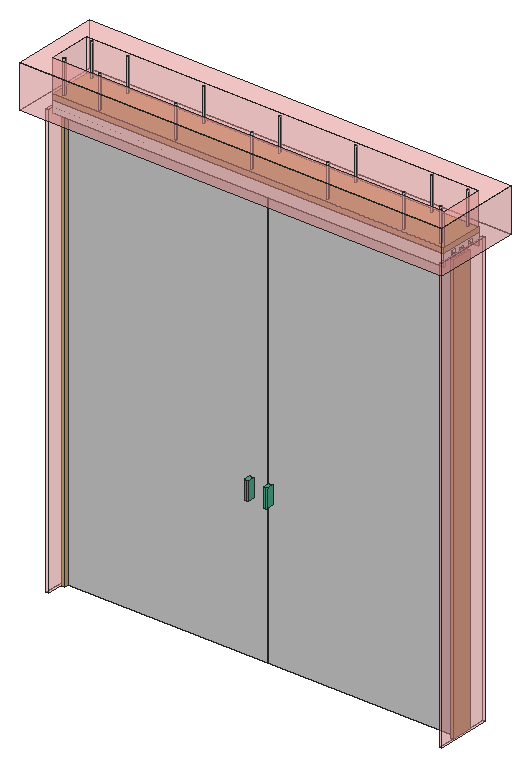
Revit family "Doors-Sliding_WON-DOOR_DuraSound_Manual_Fixed_New", category Doors, host Wall, Revit 2020
Family settings
  Host = Wall
  OmniClass Number = 23.17.11.37.13
  OmniClass Title = Sound Control Doors
  Always vertical = Yes
  Cut with Voids When Loaded = No
  Shared = No
  Room Calculation Point = No
Parameters (values of type "Bi-Parting Door")
  Width [instance] = if(Clear Opening Width < Min Width, Min Width, if(Clear Opening Width > Real Max Width, Real Max Width, Clear Opening Width))  # 7' - 0"
  Warning Vis [instance] = if(Area > Max Area, 1 = 1, 1 = 2)  # no
  Warning Note [instance] = if(Warning Vis, "Doors dimensions are out of the limits", "")  # ""
  Wall Construction Clearance ( by other ) [instance] = yes
  Voltage [instance] = 120 V
  Version = 1
  Value Step for Pocket Rod [instance] = if(not([Threaded Rods ( by Won-Door )]), Max Step for Pocket Threaded Rods, if(Step for Pocket Threaded Rods < Min Step for Threaded Rods, Min Step for Threaded Rods, if(Step for Pocket Threaded Rods > Max Step for Pocket Threaded Rods, Max Step for Pocket Threaded Rods, Step for Pocket Threaded Rods)))  # 1' - 0"
  Value Step for Clear Opening Rod [instance] = if(not([Threaded Rods ( by Won-Door )]), Max Step for Clear Opening Threaded Rods, if(Step for Clear Opening Threaded Rods < Min Step for Threaded Rods, Min Step for Threaded Rods, if(Step for Clear Opening Threaded Rods > Max Step for Clear Opening Threaded Rods, Max Step for Clear Opening Threaded Rods, Step for Clear Opening Threaded Rods)))  # 1' - 6"
  URL = "https://www.wondoor.com/"
  Track Type [instance] = if(or(Track Type Selection < 1, Track Type Selection > 3), "Please Select Integers 1-3 for Track Type Selection", if(Track Type Selection = 1, "T-09 Soffit", if(Track Type Selection = 2, "T-09 Wood", if(Track Type Selection = 3, "T-11", "Please Select Integers 1-3 for Track Type Selection"))))  # "T-09 Soffit"
  Track Type Selection [instance] = 1
  Threaded Rods Height [instance] = Real Head Height - 0' 3 1/8"  # 0' - 8 7/8"
  Threaded Rods ( by Won-Door ) [instance] = yes
  Thickness = 0' - 11 3/4"  # constant formula
  Second Stack Depth Offset [instance] = if(Double Door, 0' 2", 0' 0")  # 0' - 2"
  Offset for Width [instance] = if(Double Door, Stack Depth, 0' 0")  # 1' - 0 1/8"
  Height Half [instance] = Height / 2  # 5' - 0"
  Array for Second Pocket Vis [instance] = if(and(Double Door, [Threaded Rods ( by Won-Door )]), 1 = 1, 1 = 2)  # yes
  T-11 [instance] = if(Track Type Selection > 2, 1 = 1, 1 = 2)  # no
  T-09 WOOD [instance] = if(Track Type Selection = 2, 1 = 1, 1 = 2)  # no
  T-09 SOFFIT [instance] = if(or(Track Type Selection = 0, Track Type Selection < 0, Track Type Selection = 1), 1 = 1, 1 = 2)  # yes
  Step for Pocket Threaded Rods [instance] = 1' - 0"
  Step for Clear Opening Threaded Rods [instance] = 1' - 6"
  Stack Depth for SI [instance] = ((Width * 1.75) / 12) + 0' 6"  # 1' - 6 1/4"
  Stack Depth for BI [instance] = (((Width / 2) * 1.75) / 12) + 0' 6"  # 1' - 0 1/8"
  Stack Depth [instance] = if(Double Door, Stack Depth for BI, Stack Depth for SI)  # 1' - 0 1/8"
  Single Door Geometry [instance] = if(and(Closed, Single Door), 1 = 1, 1 = 2)  # no
  Single Door = not(Double Door)  # no
  Second Stack Depth [instance] = if(Double Door, Stack Depth - 0' 2", 1' 0")  # 0' - 10 1/8"
  Rough Width [instance] = Width + Stack Depth + Offset for Stack Depth  # 8' - 5"
  Rough Height [instance] = Height + Head Height  # 11' - 0"
  Real Width [instance] = Height  # 10' - 0"
  Real Step for Pocket Threaded Rods [instance] = ((Stack Depth - 0' 2") / (Array for Pocket Threaded Rods - 1))  # 0' - 10 1/8"
  Real Step for Clear Opening Threaded Rods [instance] = Array for Clear Opening Length / (Array for Clear Opening Threaded Rods - 1)  # 1' - 3 7/16"
  Real Max Width [instance] = Max Area / 5' 0"  # 280' - 0"
  Real Max Height [instance] = Max Area / 3' 0"  # 466' - 8"
  Real Height [instance] = Width  # 7' - 0"
  Real Head Height [instance] = if(Head Height < Min Head Height, Min Head Height, Head Height)  # 1' - 0"
  Product data url = "https://www.bimobject.com/hortonautomatics/product/WON-DOOR-durasound"
  Product Page URL = "https://www.wondoor.com/download/ds/"
  Power Factor [instance] = 1
  Pocket Thickness = 2' - 3 3/4"  # constant formula
  Open [instance] = no
  Offset for Stack Depth = if(Pocket Thickness = 2' 3 3/4", 0' 4 7/8", if(Pocket Thickness = 2' 6 1/4", 0' 6 1/8", 0' 7 3/8"))  # 0' - 4 7/8"
  Offset for Backing Width = if(or(Pocket Thickness = 2' 6 1/4", Pocket Thickness = 2' 8 3/4"), 0' 3 1/4", 0' 3 1/8")  # 0' - 3 1/8"
  Offset for Backing Depth = if(Pocket Thickness = 2' 6 1/4", 0' 7 3/8", if(Pocket Thickness = 2' 8 3/4", 0' 8 5/8", 0' 6 1/8"))  # 0' - 6 1/8"
  Number of Poles [instance] = 1
  Model = "DS Manual Fixed"  # constant formula
  Min Width [instance] = 3' - 0"  # constant formula
  Min Step for Threaded Rods [instance] = 0' - 1"  # constant formula
  Min Height [instance] = 5' - 0"  # constant formula
  Min Head Height [instance] = 1' - 0"  # constant formula
  Max Step for Pocket Threaded Rods [instance] = 1' - 0"  # constant formula
  Max Step for Clear Opening Threaded Rods [instance] = 1' - 6"  # constant formula
  Max Head Height [instance] = 25' - 0"  # constant formula
  Max Area [instance] = 1400.00 SF  # constant formula
  Manufacturer = "Won-Door Corporation"  # constant formula
  Wall Closure = By host
  Height [instance] = if(Clear Opening Height < Min Height, Min Height, if(Clear Opening Height > Real Max Height, Real Max Height, Clear Opening Height))  # 10' - 0"
  Head Height [instance] = 1' - 0"
  Fire Rating = ""
  Double Door Geometry [instance] = if(and(Closed, Double Door), 1 = 1, 1 = 2)  # yes
  Double Door = yes
  Door Finish = Won-Door-Plastic-Vinyl
  Description = "Won-Door DuraSound accordion folding doors increase building utility by performing multiple functions. These versatile accordion partitions are competitively priced, cost less to install and maintain, and last years longer than any other folding partition on the market.The dual-wall DuraSound accordion folding partition has the highest sound rating (STC 48  or equivalent NIC 30 ) in the industry. Each steel panel is corrugated for extra strength. Surface colors and vinyl finishes are permanently bonded. The result is a partition that is dent, ding and scratch resistant. DuraSound doors are only 4.2 pounds per square foot – and operate on a two-track system. A pin and roller suspends every panel and promotes smooth and low effort operation. This unique design allows the doors to span large, as well as curved, openings.  Available in unlimited widths, and heights up to 28 feet."  # constant formula
  Date Updated = ""
  Date Created = "2024/05/14"  # constant formula
  Current [instance] = 10 A  # constant formula
  Array for Second Pocket Threaded Rods [instance] = if(not(Double Door), 2, Array for Pocket Threaded Rods)  # 2
  Array for Clear Opening Length [instance] = Width - Stack Depth - Second Stack Depth  # 5' - 1 3/4"
  Array for Clear Opening Threaded Rods [instance] = 1 + roundup(((Array for Clear Opening Length) / Value Step for Clear Opening Rod))  # 5
  Connector Description [instance] = "100-240 VAC, 60/50 Hz, 10 AMP"  # constant formula
  Closed [instance] = not(Open)  # yes
  Clear Opening Width [instance] = 7' - 0"
  Clear Opening Height [instance] = 10' - 0"
  Backing Profile Clearance ( by other ) [instance] = yes
  Array for Pocket Threaded Rods [instance] = 1 + roundup(((Stack Depth - 0' 2") / Value Step for Pocket Rod))  # 2
  Area [instance] = Width * Height  # 70.00 SF
  Apparent Load [instance] = Voltage * Current  # 1200 VA
  Offset = 0' - 0"  # constant formula
Reference planes (in)
  plane 1 "Center (Front/Back)": y = 0
  plane 2: x = -26.75
  plane 3 "Top": z = 120
  plane 4 "Exterior": y = 30
  plane 5 "Interior": y = -30
  plane 6: z = 39.5
  plane 7: z = 44.5
  plane 8: z = 132
  plane 9: z = 60
  plane 10: z = 12
  plane 11: x = -38.875
  plane 12: y = -5.875
  plane 13: y = 5.875
  plane 14 "Center (Left/Right)": x = 15.25
  plane 15: x = -36.875
  plane 16: z = 123.125
  plane 17: z = 60
  plane 18: x = 57.25
Forms (in)
  Extrusion 1, solid, material "Won-Door-Metal-Gray", visible <- "T-09 SOFFIT", detail levels medium
    sketch origin (-26.75, 36, 120) x (0, -1, 0) y (0, 0, -1)
      loop
        line (42, 1.625) -> (41.875, 1.625) -> (41.875, 0) -> (39.75, 0) -> (39.75, -1.25) -> (38.125, -1.25) -> (38.125, 0) -> (36.8125, 0) -> (36.8125, -0.875) -> (35.1875, -0.875) -> (35.1875, 0) -> (33.875, 0) -> (33.875, -1.25) -> (32.25, -1.25) -> (32.25, 0) -> (30.125, 0) -> (30.125, 1.625) -> (30, 1.625) -> (30, -1.625) -> (42, -1.625) -> (42, 1.625)
    from -12.125 to 96.125
  Extrusion 2, solid, material "Won-Door-Metal-Gray", visible <- "T-09 SOFFIT", detail levels coarse
    sketch origin (-26.75, 36, 120) x (0, -1, 0) y (0, 0, -1)
      loop
        line (42, 0) -> (30, 0) -> (30, -1.625) -> (42, -1.625) -> (42, 0)
    from -12.125 to 96.125
  Extrusion 3, solid, material "Won-Door-Metal-Gray", visible <- "T-09 SOFFIT", detail levels fine
    sketch origin (-26.75, 36, 120) x (0, -1, 0) y (0, 0, -1)
      loop
        line (42, 1.625) -> (41.875, 1.625) -> (41.875, 0) -> (39.125, 0) -> (39.125, -0.12546) -> (39.75, -0.12546) -> (39.75, -1.25) -> (38.125, -1.25) -> (38.125, -0.12546) -> (38.75, -0.12546) -> (38.75, 0) -> (36.8125, 0) -> (36.8125, -0.875) -> (35.1875, -0.875) -> (35.1875, 0) -> (33.25, 0) -> (33.25, -0.12546) -> (33.875, -0.12546) -> (33.875, -1.25) -> (32.25, -1.25) -> (32.25, -0.12546) -> (32.875, -0.12546) -> (32.875, 0) -> (30.125, 0) -> (30.125, 1.625) -> (30, 1.625) -> (30, -1.625) -> (42, -1.625) -> (42, 1.625)
    from -12.125 to 96.125
  Extrusion 4, solid, material "Won-Door-Metal-Gray", visible <- "T-09 WOOD", detail levels fine
    sketch origin (-26.75, 36, 120) x (0, -1, 0) y (0, 0, -1)
      loop
        line (39.875, 0) -> (39.125, 0) -> (39.125, -0.12546) -> (39.75, -0.12546) -> (39.75, -1.25) -> (38.125, -1.25) -> (38.125, -0.12546) -> (38.75, -0.12546) -> (38.75, 0) -> (36.8125, 0) -> (36.8125, -0.875) -> (35.1875, -0.875) -> (35.1875, 0) -> (33.25, 0) -> (33.25, -0.12546) -> (33.875, -0.12546) -> (33.875, -1.25) -> (32.25, -1.25) -> (32.25, -0.12546) -> (32.875, -0.12546) -> (32.875, 0) -> (32.125, 0) -> (32.125, -1.25) -> (30, -1.25) -> (30, -1.625) -> (42, -1.625) -> (42, -1.25) -> (39.875, -1.25) -> (39.875, 0)
    from -12.125 to 96.125
  Extrusion 5, solid, material "Won-Door-Metal-Gray", visible <- "T-09 WOOD", detail levels medium
    sketch origin (-26.75, 36, 120) x (0, -1, 0) y (0, 0, -1)
      loop
        line (36.8125, 0) -> (36.8125, -0.875) -> (35.1875, -0.875) -> (35.1875, 0) -> (33.875, 0) -> (33.875, -1.25) -> (32.25, -1.25) -> (32.25, 0) -> (32.125, 0) -> (32.125, -1.25) -> (30, -1.25) -> (30, -1.625) -> (42, -1.625) -> (42, -1.25) -> (39.875, -1.25) -> (39.875, 0) -> (39.75, 0) -> (39.75, -1.25) -> (38.125, -1.25) -> (38.125, 0) -> (36.8125, 0)
    from -12.125 to 96.125
  Extrusion 6, solid, material "Won-Door-Metal-Gray", visible <- "T-09 WOOD", detail levels coarse
    sketch origin (-26.75, 36, 120) x (0, -1, 0) y (0, 0, -1)
      loop
        line (42, 0) -> (30, 0) -> (30, -1.625) -> (42, -1.625) -> (42, 0)
    from -12.125 to 96.125
  Extrusion 7, solid, material "Won-Door-Metal-Gray", visible <- "T-11", detail levels fine
    sketch origin (-26.75, 36, 120) x (0, -1, 0) y (0, 0, -1)
      loop
        line (39.875, 0) -> (39.125, 0) -> (39.125, -0.12546) -> (39.75, -0.12546) -> (39.75, -1.25) -> (38.125, -1.25) -> (38.125, -0.12546) -> (38.75, -0.12546) -> (38.75, 0) -> (33.25, 0) -> (33.25, -0.12546) -> (33.875, -0.12546) -> (33.875, -1.25) -> (32.25, -1.25) -> (32.25, -0.12546) -> (32.875, -0.12546) -> (32.875, 0) -> (32.125, 0) -> (30, 0) -> (30, -0.12546) -> (32.125, -0.12546) -> (32.125, -1.25) -> (30, -1.25) -> (30, -1.625) -> (42, -1.625) -> (42, -1.25) -> (39.875, -1.25) -> (39.875, -0.12546) -> (42, -0.12546) -> (42, 0) -> (39.875, 0)
    from -12.125 to 96.125
  Extrusion 8, solid, material "Won-Door-Metal-Gray", visible <- "T-11", detail levels medium
    sketch origin (-26.75, 36, 120) x (0, -1, 0) y (0, 0, -1)
      loop
        line (39.75, -1.25) -> (38.125, -1.25) -> (38.125, 0) -> (33.875, 0) -> (33.875, -1.25) -> (32.25, -1.25) -> (32.25, 0) -> (30, 0) -> (30, -0.12546) -> (32.125, -0.12546) -> (32.125, -1.25) -> (30, -1.25) -> (30, -1.625) -> (42, -1.625) -> (42, -1.25) -> (39.875, -1.25) -> (39.875, -0.12546) -> (42, -0.12546) -> (42, 0) -> (39.75, 0) -> (39.75, -1.25)
    from -12.125 to 96.125
  Extrusion 9, solid, material "Won-Door-Metal-Gray", visible <- "T-11", detail levels coarse
    sketch origin (-26.75, 36, 120) x (0, -1, 0) y (0, 0, -1)
      loop
        line (30, 0) -> (30, -1.625) -> (42, -1.625) -> (42, 0) -> (30, 0)
    from -12.125 to 96.125
  Extrusion 10, void
    sketch origin (0, 0, 0) x (1, 0, 0) y (0, 1, 0)
      loop
        line (-38.875, 30) -> (-38.875, -30) -> (69.375, -30) -> (69.375, 30) -> (-38.875, 30)
    from 0 to 120
  Extrusion 11, solid, material "Won-Door-Plastic-Vinyl" <- "Door Finish", visible <- "Double Door Geometry", detail levels medium+fine
    sketch origin (0, 0, 0) x (1, 0, 0) y (0, 1, 0)
      loop
        line (17, 1.5625) -> (-38.125, 1.5625) -> (-38.125, -1.5625) -> (17, -1.5625) -> (17, -0.875) -> (15.25, -0.875) -> (15.25, 0.875) -> (17, 0.875) -> (17, 1.5625)
    from 0 to 120
  Extrusion 12, solid, material "Won-Door-Plastic-Vinyl" <- "Door Finish", visible <- "Double Door Geometry", detail levels medium+fine
    sketch origin (0, 0, 0) x (1, 0, 0) y (0, 1, 0)
      loop
        line (17, 1.5625) -> (17, 0.875) -> (15.25, 0.875) -> (15.25, -0.875) -> (17, -0.875) -> (17, -1.5625) -> (68.62766, -1.5625) -> (68.62766, 1.5625) -> (17, 1.5625)
    from 0 to 120
  Extrusion 13, solid, material "Won-Door-Plastic-Vinyl" <- "Door Finish", visible <- "Double Door Geometry", detail levels coarse
    sketch origin (0, 0, 0) x (1, 0, 0) y (0, 1, 0)
      loop
        line (-38.125, -1.5625) -> (68.62766, -1.5625) -> (68.62766, 1.5625) -> (-38.125, 1.5625) -> (-38.125, -1.5625)
    from 0 to 120
  Extrusion 14, solid, material "Won-Door-Plastic-Vinyl" <- "Door Finish", visible <- "Single Door Geometry", detail levels coarse
    sketch origin (0, 0, 0) x (1, 0, 0) y (0, 1, 0)
      loop
        line (-38.125, 1.5625) -> (-38.125, -1.5625) -> (68.62766, -1.5625) -> (68.62766, 1.5625) -> (-38.125, 1.5625)
    from 0 to 120
  Extrusion 15, solid, material "Won-Door-Plastic-Vinyl", visible <- "Single Door Geometry", detail levels fine
    sketch origin (0, 0, 0) x (1, 0, 0) y (0, 1, 0)
      loop
        line (64.50266, 1.5625) -> (-38.125, 1.5625) -> (-38.125, -1.5625) -> (64.50266, -1.5625) -> (64.50266, -0.875) -> (67.41754, -0.875) -> (67.41754, -1) -> (68.62766, -1) -> (68.62766, -0.875) -> (67.50266, -0.875) -> (67.50266, 0.875) -> (68.62766, 0.875) -> (68.62766, 1) -> (67.41754, 1) -> (67.41754, 0.875) -> (64.50266, 0.875) -> (64.50266, 1.5625)
    from 0 to 120
  Extrusion 16, solid, material "Won-Door-Plastic-Vinyl" <- "Door Finish", visible <- "Single Door Geometry", detail levels medium
    sketch origin (0, 0, 0) x (1, 0, 0) y (0, 1, 0)
      loop
        line (68.62766, 0.875) -> (65.62766, 0.875) -> (65.62766, 1.5625) -> (-38.125, 1.5625) -> (-38.125, -1.5625) -> (65.62766, -1.5625) -> (65.62766, -0.875) -> (68.62766, -0.875) -> (68.62766, 0.875)
    from 0 to 120
  Extrusion 17, solid, material "Won-Door-Plastic-Green", visible <- "Single Door Geometry", detail levels medium
    sketch origin (69.375, -40, 0) x (0, 1, 0) y (-1, 0, 0)
      loop
        line (42.875, 3.625) -> (42.875, 4.625) -> (40.875, 4.625) -> (40.875, 3.625) -> (42.875, 3.625)
      loop
        line (37.125, 3.625) -> (39.125, 3.625) -> (39.125, 4.625) -> (37.125, 4.625) -> (37.125, 3.625)
    from 39.5 to 44.5
  Extrusion 18, solid, material "Won-Door-Plastic-Green", visible <- "Single Door Geometry", detail levels fine
    sketch origin (69.375, -40, 0) x (0, 1, 0) y (-1, 0, 0)
      loop
        arc (42.625, 3.625) -> (42.80178, 3.69822) -> (42.875, 3.875) r 0.25
        line (42.875, 3.875) -> (42.875, 4.375)
        arc (42.875, 4.375) -> (42.80178, 4.55178) -> (42.625, 4.625) r 0.25
        line (42.625, 4.625) -> (40.875, 4.625) -> (40.875, 3.625) -> (42.625, 3.625)
      loop
        line (37.375, 3.625) -> (39.125, 3.625) -> (39.125, 4.625) -> (37.375, 4.625)
        arc (37.375, 4.625) -> (37.19822, 4.55178) -> (37.125, 4.375) r 0.25
        line (37.125, 4.375) -> (37.125, 3.875)
        arc (37.125, 3.875) -> (37.19822, 3.69822) -> (37.375, 3.625) r 0.25
    from 39.5 to 44.5
  Extrusion 19, solid, material "Won-Door-Plastic-Green", visible <- "Double Door Geometry", detail levels medium
    sketch origin (0, 0, 0) x (1, 0, 0) y (0, 1, 0)
      loop
        line (13.125, 3.5625) -> (12.125, 3.5625) -> (12.125, 1.5625) -> (13.125, 1.5625) -> (13.125, 3.5625)
      loop
        line (13.125, -3.5625) -> (13.125, -1.5625) -> (12.125, -1.5625) -> (12.125, -3.5625) -> (13.125, -3.5625)
      loop
        line (17.375, 3.5625) -> (17.375, 1.5625) -> (18.375, 1.5625) -> (18.375, 3.5625) -> (17.375, 3.5625)
      loop
        line (17.375, -3.5625) -> (18.375, -3.5625) -> (18.375, -1.5625) -> (17.375, -1.5625) -> (17.375, -3.5625)
    from 39.5 to 44.5
  Extrusion 20, solid, material "Won-Door-Plastic-Green", visible <- "Double Door Geometry", detail levels fine
    sketch origin (0, 0, 0) x (1, 0, 0) y (0, 1, 0)
      loop
        arc (13.125, 3.3125) -> (13.05178, 3.48928) -> (12.875, 3.5625) r 0.25
        line (12.875, 3.5625) -> (12.375, 3.5625)
        arc (12.375, 3.5625) -> (12.19822, 3.48928) -> (12.125, 3.3125) r 0.25
        line (12.125, 3.3125) -> (12.125, 1.5625) -> (13.125, 1.5625) -> (13.125, 3.3125)
      loop
        line (13.125, -3.3125) -> (13.125, -1.5625) -> (12.125, -1.5625) -> (12.125, -3.3125)
        arc (12.125, -3.3125) -> (12.19822, -3.48928) -> (12.375, -3.5625) r 0.25
        line (12.375, -3.5625) -> (12.875, -3.5625)
        arc (12.875, -3.5625) -> (13.05178, -3.48928) -> (13.125, -3.3125) r 0.25
      loop
        line (17.375, 3.3125) -> (17.375, 1.5625) -> (18.375, 1.5625) -> (18.375, 3.3125)
        arc (18.375, 3.3125) -> (18.30178, 3.48928) -> (18.125, 3.5625) r 0.25
        line (18.125, 3.5625) -> (17.625, 3.5625)
        arc (17.625, 3.5625) -> (17.44822, 3.48928) -> (17.375, 3.3125) r 0.25
      loop
        arc (17.375, -3.3125) -> (17.44822, -3.48928) -> (17.625, -3.5625) r 0.25
        line (17.625, -3.5625) -> (18.125, -3.5625)
        arc (18.125, -3.5625) -> (18.30178, -3.48928) -> (18.375, -3.3125) r 0.25
        line (18.375, -3.3125) -> (18.375, -1.5625) -> (17.375, -1.5625) -> (17.375, -3.3125)
    from 39.5 to 44.5
  Extrusion 21, solid, material "Won-Door - Wood - Plywood"
    sketch origin (-26.75, 36, 120) x (0, -1, 0) y (0, 0, -1)
      loop
        line (42, -1.625) -> (30, -1.625) -> (30, -3.125) -> (42, -3.125) -> (42, -1.625)
    from -12.125 to 96.125
  Extrusion 22, solid, material "Clearance", visible <- "T-09 WOOD"
    sketch origin (-26.75, 36, 120) x (0, -1, 0) y (0, 0, -1)
      loop
        line (42, -1.25) -> (42, 0) -> (39.875, 0) -> (39.875, -1.25) -> (42, -1.25)
      loop
        line (30, -1.25) -> (32.125, -1.25) -> (32.125, 0) -> (30, 0) -> (30, -1.25)
    from -12.125 to 96.125
  Extrusion 23, solid, material "Clearance", visible <- "Wall Construction Clearance ( by other )"
    sketch origin (0, 0, 0) x (1, 0, 0) y (0, 1, 0)
      loop
        line (-43.125, -11.99789) -> (73.625, -11.99789) -> (73.625, 11.99789) -> (-43.125, 11.99789) -> (-43.125, -11.99789)
      loop
        line (-38.875, 5.875) -> (-38.875, -5.875) -> (69.375, -5.875) -> (69.375, 5.875) -> (-38.875, 5.875)
    from 120 to 132
  Extrusion 24, void
    sketch origin (0, 0, 0) x (1, 0, 0) y (0, 1, 0)
      loop
        line (-38.875, 5.875) -> (-38.875, -5.875) -> (69.375, -5.875) -> (69.375, 5.875) -> (-38.875, 5.875)
    from 120 to 132
Lines and regions (in)
  Masking region 1, visible <- "Double Door Geometry"
    outline origin (0, 0, 0) x (1, 0, 0) y (0, 1, 0)
      loop
        line (68.62766, 1.5625) -> (-38.125, 1.5625) -> (-38.125, -1.5625) -> (68.62766, -1.5625) -> (68.62766, 1.5625)
  Masking region 2, visible <- "Double Door Geometry", detail levels fine
    outline origin (0, 0, 0) x (1, 0, 0) y (0, 1, 0)
      loop
        line (13.125, 1.5625) -> (13.125, 3.3125)
        arc (13.125, 3.3125) -> (13.05178, 3.48928) -> (12.875, 3.5625) r 0.25
        line (12.875, 3.5625) -> (12.375, 3.5625)
        arc (12.375, 3.5625) -> (12.19822, 3.48928) -> (12.125, 3.3125) r 0.25
        line (12.125, 3.3125) -> (12.125, 1.5625) -> (13.125, 1.5625)
      loop
        line (17.375, 1.5625) -> (18.375, 1.5625) -> (18.375, 3.3125)
        arc (18.375, 3.3125) -> (18.30178, 3.48928) -> (18.125, 3.5625) r 0.25
        line (18.125, 3.5625) -> (17.625, 3.5625)
        arc (17.625, 3.5625) -> (17.44822, 3.48928) -> (17.375, 3.3125) r 0.25
        line (17.375, 3.3125) -> (17.375, 1.5625)
      loop
        line (13.125, -1.5625) -> (12.125, -1.5625) -> (12.125, -3.3125)
        arc (12.125, -3.3125) -> (12.19822, -3.48928) -> (12.375, -3.5625) r 0.25
        line (12.375, -3.5625) -> (12.875, -3.5625)
        arc (12.875, -3.5625) -> (13.05178, -3.48928) -> (13.125, -3.3125) r 0.25
        line (13.125, -3.3125) -> (13.125, -1.5625)
      loop
        line (17.375, -1.5625) -> (17.375, -3.3125)
        arc (17.375, -3.3125) -> (17.44822, -3.48928) -> (17.625, -3.5625) r 0.25
        line (17.625, -3.5625) -> (18.125, -3.5625)
        arc (18.125, -3.5625) -> (18.30178, -3.48928) -> (18.375, -3.3125) r 0.25
        line (18.375, -3.3125) -> (18.375, -1.5625) -> (17.375, -1.5625)
  Masking region 3, visible <- "Double Door Geometry", detail levels medium
    outline origin (0, 0, 0) x (1, 0, 0) y (0, 1, 0)
      loop
        line (13.125, 1.5625) -> (13.125, 3.5625) -> (12.125, 3.5625) -> (12.125, 1.5625) -> (13.125, 1.5625)
      loop
        line (17.375, 1.5625) -> (18.375, 1.5625) -> (18.375, 3.5625) -> (17.375, 3.5625) -> (17.375, 1.5625)
      loop
        line (13.125, -1.5625) -> (12.125, -1.5625) -> (12.125, -3.5625) -> (13.125, -3.5625) -> (13.125, -1.5625)
      loop
        line (17.375, -1.5625) -> (17.375, -3.5625) -> (18.375, -3.5625) -> (18.375, -1.5625) -> (17.375, -1.5625)
  Masking region 4, visible <- "Single Door Geometry", detail levels coarse
    outline origin (0, 0, 0) x (1, 0, 0) y (0, 1, 0)
      loop
        line (-38.125, 1.5625) -> (-38.125, -1.5625) -> (68.62766, -1.5625) -> (68.62766, 1.5625) -> (-38.125, 1.5625)
  Masking region 5, visible <- "Single Door Geometry", detail levels medium
    outline origin (0, 0, 0) x (1, 0, 0) y (0, 1, 0)
      loop
        line (63.875, 1.5625) -> (-38.125, 1.5625) -> (-38.125, -1.5625) -> (63.875, -1.5625) -> (63.875, -0.875) -> (68.62766, -0.875) -> (68.62766, -0.805) -> (66.84586, -0.805) -> (66.84586, -0.70566) -> (66.96466, -0.70566) -> (66.96466, -0.4675) -> (66.85468, -0.4675) -> (66.85468, 0.4675) -> (66.96466, 0.4675) -> (66.96466, 0.70566) -> (66.84586, 0.70566) -> (66.84586, 0.805) -> (68.62766, 0.805) -> (68.62766, 0.875) -> (63.875, 0.875) -> (63.875, 1.5625)
  Masking region 6, visible <- "Single Door Geometry", detail levels fine
    outline origin (0, 0, 0) x (1, 0, 0) y (0, 1, 0)
      loop
        line (63.875, 1.5625) -> (-38.125, 1.5625) -> (-38.125, -1.5625) -> (63.875, -1.5625) -> (63.875, -0.875) -> (67.28044, -0.875)
        arc (67.28044, -0.875) -> (67.25417, -0.84342) -> (67.23966, -0.805) r 0.124
        line (67.23966, -0.805) -> (66.87566, -0.805)
        arc (66.87566, -0.805) -> (66.84624, -0.78085) -> (66.86418, -0.74728) r 0.03
        line (66.86418, -0.74728) -> (66.96466, -0.70566) -> (66.96466, -0.4675) -> (66.93285, -0.4675)
        arc (66.93285, -0.4675) -> (66.85468, 0) -> (66.93285, 0.4675) r 1.43699
        line (66.93285, 0.4675) -> (66.96466, 0.4675) -> (66.96466, 0.70566) -> (66.86418, 0.74728)
        arc (66.86418, 0.74728) -> (66.84624, 0.78085) -> (66.87566, 0.805) r 0.03
        line (66.87566, 0.805) -> (67.23966, 0.805)
        arc (67.23966, 0.805) -> (67.25417, 0.84342) -> (67.28044, 0.875) r 0.124
        line (67.28044, 0.875) -> (63.875, 0.875) -> (63.875, 1.5625)
  reference lines
    curve 1: line (-38.875, 14.88149, 0) -> (-38.875, -14.88149, 0)
    curve 2: line (69.375, -40, 0) -> (69.375, 35.88149, 0)
    curve 3: line (-26.75, 36, 120) -> (-26.75, -31, 120)
    curve 9: line (57.25, 35.88149, 0) -> (57.25, -42.11851, 0)
    curve 10: line (67.375, 35.88149, 0) -> (67.375, -42.11851, 0)
  symbolic lines, visible <- "Double Door Geometry", detail levels medium+fine
    curve 4: line (17, 1.5625, 0) -> (17, 0.875, 0)
    curve 5: line (17, 0.875, 0) -> (15.25, 0.875, 0)
    curve 6: line (15.25, 0.875, 0) -> (15.25, -0.875, 0)
    curve 7: line (15.25, -0.875, 0) -> (17, -0.875, 0)
    curve 8: line (17, -0.875, 0) -> (17, -1.5625, 0)
Text (in)
  text "Exterior" at (-74.96733, 27.31104, 0), in view "Ref. Level"
  text "Interior" at (-74.96733, -25.14366, 0), in view "Ref. Level"
  text "Exterior" at (0, 40.15149, 123.01588), in view "Right"
  text "Interior" at (0, -64.39139, 123.01588), in view "Right"
  text "Interior" at (0, -31.01599, 123.00693), in view "Left"
  text "Exterior" at (0, 54.57065, 123.00693), in view "Left"
Dimensions and locks (in)
  "Height": level to plane 3 "Top"
  locked: level to plane 6 at 39.5
  locked: plane 6 to plane 7 at 5
  "Real Head Height": plane 3 "Top" to plane 8
  locked: plane 9 to level at 60
  "Stack Depth": plane 11 to plane 2
  equal spacing: curve 1, plane 1 "Center (Front/Back)", curve 1
  locked: curve 1 to curve 1 at 29.76298
  equal spacing: plane 13, plane 1 "Center (Front/Back)", plane 12
  "Thickness": plane 13 to plane 12
  Extrusion 5 sketch curve to Extrusion 5 sketch curve to Extrusion 5 sketch curve to Extrusion 5 sketch curve to Extrusion 5 sketch curve to Extrusion 5 sketch curve to Extrusion 5 sketch curve to Extrusion 5 sketch curve to Extrusion 5 sketch curve to Extrusion 5 sketch curve = 0' - 2 1/8" locked, 0' - 0 1/8" locked, 0' - 1 5/8" locked, 0' - 1 5/16" locked, 0' - 1 5/8" locked, 0' - 1 5/16" locked, 0' - 1 5/8" locked, 0' - 0 1/8" locked, 0' - 2 1/8" locked
  Extrusion 4 sketch curve to Extrusion 4 sketch curve to Extrusion 4 sketch curve to Extrusion 4 sketch curve to Extrusion 4 sketch curve to Extrusion 4 sketch curve to Extrusion 4 sketch curve to Extrusion 4 sketch curve to Extrusion 4 sketch curve to Extrusion 4 sketch curve to Extrusion 4 sketch curve to Extrusion 4 sketch curve to Extrusion 4 sketch curve to Extrusion 4 sketch curve = 0' - 2 1/8" locked, 0' - 0 1/8" locked, 0' - 0 5/8" locked, 0' - 0 3/8" locked, 0' - 0 5/8" locked, 0' - 1 5/16" locked, 0' - 1 5/8" locked, 0' - 1 5/16" locked, 0' - 0 5/8" locked, 0' - 0 3/8" locked, 0' - 0 5/8" locked, 0' - 0 1/8" locked, 0' - 2 1/8" locked
  Extrusion 3 sketch curve to Extrusion 3 sketch curve to Extrusion 3 sketch curve to Extrusion 3 sketch curve to Extrusion 3 sketch curve to Extrusion 3 sketch curve to Extrusion 3 sketch curve to Extrusion 3 sketch curve to Extrusion 3 sketch curve to Extrusion 3 sketch curve to Extrusion 3 sketch curve to Extrusion 3 sketch curve to Extrusion 3 sketch curve to Extrusion 3 sketch curve = 0' - 0 1/8" locked, 0' - 2 1/8" locked, 0' - 0 5/8" locked, 0' - 0 3/8" locked, 0' - 0 5/8" locked, 0' - 1 5/16" locked, 0' - 1 5/8" locked, 0' - 1 5/16" locked, 0' - 0 5/8" locked, 0' - 0 3/8" locked, 0' - 0 5/8" locked, 0' - 2 1/8" locked, 0' - 0 1/8" locked
  locked: Extrusion 1 sketch curve to Extrusion 1 sketch curve at 0.125
  Extrusion 1 sketch curve to Extrusion 1 sketch curve to Extrusion 1 sketch curve to Extrusion 1 sketch curve to Extrusion 1 sketch curve to Extrusion 1 sketch curve to Extrusion 1 sketch curve to Extrusion 1 sketch curve to Extrusion 1 sketch curve = 0' - 2 1/8" locked, 0' - 1 5/8" locked, 0' - 1 5/16" locked, 0' - 1 5/8" locked, 0' - 1 5/16" locked, 0' - 1 5/8" locked, 0' - 2 1/8" locked, 0' - 0 1/8" locked
  locked: Extrusion 2 sketch curve to plane 12 at 0.125
  locked: plane 13 to Extrusion 1 at 0.125
  locked: Extrusion 2 sketch curve to Extrusion 2 sketch curve at 12
  locked: Extrusion 1 sketch curve to plane 12 at 0.125
  Extrusion 7 sketch curve to Extrusion 7 sketch curve to Extrusion 7 sketch curve to Extrusion 7 sketch curve to Extrusion 7 sketch curve = 0' - 0 1/8" locked, 0' - 0 5/8" locked, 0' - 0 3/8" locked, 0' - 0 5/8" locked
  Extrusion 7 sketch curve to Extrusion 7 sketch curve to Extrusion 7 sketch curve to Extrusion 7 sketch curve to Extrusion 7 sketch curve = 0' - 0 5/8" locked, 0' - 0 3/8" locked, 0' - 0 5/8" locked, 0' - 0 1/8" locked
  locked: Extrusion 7 sketch curve to plane 12 at 0.125
  locked: Extrusion 8 sketch curve to plane 12 at 0.125
  Extrusion 8 sketch curve to Extrusion 8 sketch curve to Extrusion 8 sketch curve to Extrusion 8 sketch curve to Extrusion 8 sketch curve to Extrusion 8 sketch curve = 0' - 2 1/8", 0' - 0 1/8" locked, 0' - 1 5/8" locked, 0' - 5 7/8", 0' - 0 1/8" locked
  locked: Extrusion 8 sketch curve to Extrusion 8 sketch curve at 12
  locked: Extrusion 8 sketch curve to Extrusion 8 sketch curve at 1.625
  locked: Extrusion 9 sketch curve to plane 12 at 0.125
  locked: Extrusion 9 sketch curve to Extrusion 9 sketch curve at 12
  equal spacing: plane 5 "Interior", plane 1 "Center (Front/Back)", plane 4 "Exterior"
  locked: Extrusion 7 sketch curve to Extrusion 7 sketch curve at 12
  locked: Extrusion 12 sketch curve to Extrusion 12 sketch curve at 3.125
  locked: plane 11 to Extrusion 13 sketch curve at 0.75
  locked: plane 11 to Extrusion 14 sketch curve at 0.75
  locked: plane 11 to Extrusion 15 sketch curve at 0.75
  locked: plane 11 to Extrusion 16 sketch curve at 0.75
  locked: plane 14 "Center (Left/Right)" to Extrusion 12 sketch curve at 1.75  (x2)
  locked: Extrusion 11 sketch curve to Extrusion 11 sketch curve at 1.75  (x2)
  locked: plane 13 to Extrusion 13 sketch curve at 4.3125
  locked: Extrusion 13 sketch curve to plane 12 at 4.3125
  locked: plane 11 to Extrusion 11 sketch curve at 0.75
  locked: plane 13 to Extrusion 11 sketch curve at 4.3125
  locked: Extrusion 11 sketch curve to plane 12 at 4.3125
  locked: Extrusion 11 sketch curve to Extrusion 11 sketch curve at 0.6875  (x2)
  locked: Extrusion 12 sketch curve to plane 12 at 4.3125
  Extrusion 12 sketch curve to Extrusion 12 sketch curve to Extrusion 12 sketch curve = 0' - 1 3/4" locked, 0' - 0 11/16" locked
  plane 13 to Extrusion 16 sketch curve to Extrusion 16 sketch curve = 0' - 4 5/16" locked, 0' - 3 1/8" locked
  locked: Extrusion 16 sketch curve to Extrusion 16 sketch curve at 3  (x2)
  plane 13 to Extrusion 16 sketch curve to Extrusion 16 sketch curve = 0' - 5" locked, 0' - 1 3/4" locked
  plane 13 to Extrusion 15 sketch curve to Extrusion 15 sketch curve = 0' - 4 5/16" locked, 0' - 3 1/8" locked
  Extrusion 15 sketch curve to Extrusion 15 sketch curve to plane 12 = 0' - 0 1/8" locked, 0' - 4 7/8" locked
  equal spacing: Extrusion 15 sketch curve, nested 2, Extrusion 15 sketch curve
  locked: Extrusion 15 sketch curve to Extrusion 15 sketch curve at 0.125  (x2)
  locked: Extrusion 17 sketch curve to Extrusion 17 sketch curve at 1  (x2)
  plane 13 to Extrusion 17 sketch curve to Extrusion 17 sketch curve = 0' - 3" locked, 0' - 2" locked
  Extrusion 17 sketch curve to Extrusion 17 sketch curve to plane 12 = 0' - 2" locked, 0' - 3" locked
  locked: Extrusion 17 sketch curve to curve 2 at 3.625  (x2)
  plane 13 to Extrusion 14 sketch curve to Extrusion 14 sketch curve = 0' - 4 5/16" locked, 0' - 3 1/8" locked
  locked: Extrusion 18 sketch curve to Extrusion 18 sketch curve at 1  (x2)
  plane 13 to Extrusion 18 sketch curve to Extrusion 18 sketch curve = 0' - 3" locked, 0' - 2" locked
  Extrusion 18 sketch curve to Extrusion 18 sketch curve to plane 12 = 0' - 2" locked, 0' - 3" locked
  locked: Extrusion 18 sketch curve to curve 2 at 3.625  (x2)
  locked: Extrusion 18 sketch curve to Extrusion 18 sketch curve at 0.25  (x4)
  Extrusion 18 sketch curve to Extrusion 18 sketch curve to Extrusion 18 sketch curve = 0' - 0 1/2" locked, 0' - 0 1/4" locked
  Extrusion 18 sketch curve to Extrusion 18 sketch curve to Extrusion 18 sketch curve = 0' - 0 1/4" locked, 0' - 0 1/2" locked
  locked: Extrusion 19 sketch curve to Extrusion 19 sketch curve at 1  (x4)
  plane 13 to Extrusion 19 sketch curve to Extrusion 19 sketch curve = 0' - 2 5/16" locked, 0' - 2" locked  (x2)
  Extrusion 19 sketch curve to Extrusion 19 sketch curve to plane 12 = 0' - 2" locked, 0' - 2 5/16" locked  (x2)
  Extrusion 19 sketch curve to plane 14 "Center (Left/Right)" to Extrusion 19 sketch curve = 0' - 2 1/8" locked, 0' - 2 1/8" locked  (x2)
  locked: Extrusion 20 sketch curve to Extrusion 20 sketch curve at 1  (x4)
  plane 13 to Extrusion 20 sketch curve to Extrusion 20 sketch curve = 0' - 2 5/16" locked, 0' - 2" locked  (x2)
  Extrusion 20 sketch curve to Extrusion 20 sketch curve to plane 12 = 0' - 2" locked, 0' - 2 5/16" locked  (x2)
  Extrusion 20 sketch curve to plane 14 "Center (Left/Right)" to Extrusion 20 sketch curve = 0' - 2 1/8" locked, 0' - 2 1/8" locked  (x2)
  locked: Extrusion 20 sketch curve to Extrusion 20 sketch curve at 0.25  (x10)
  Extrusion 20 sketch curve to Extrusion 20 sketch curve to Extrusion 20 sketch curve = 0' - 0 1/4" locked, 0' - 0 1/2" locked  (x3)
  locked: Extrusion 6 sketch curve to plane 12 at 0.125
  locked: plane 13 to Extrusion 6 sketch curve at 0.125
  locked: Extrusion 5 sketch curve to plane 12 at 0.125
  locked: Extrusion 4 sketch curve to plane 12 at 0.125
  locked: Extrusion 7 to Extrusion 8 sketch curve at 2.125
  locked: Extrusion 7 sketch curve to Extrusion 7 sketch curve at 2.125  (x2)
  locked: Extrusion 21 sketch curve to plane 12 at 0.125
  locked: plane 13 to Extrusion 21 sketch curve at 0.125
  locked: Extrusion 22 sketch curve to plane 12 at 0.125
  locked: plane 13 to Extrusion 22 sketch curve at 0.125
  locked: Extrusion 22 sketch curve to Extrusion 22 sketch curve at 2.125  (x2)
  locked: plane 11 to Masking region 1 sketch curve at 0.75
  locked: Masking region 1 sketch curve to Masking region 1 sketch curve at 3.125
  locked: plane 13 to Masking region 1 sketch curve at 4.3125
  locked: Masking region 2 sketch curve to Masking region 2 sketch curve at 1  (x8)
  Masking region 2 sketch curve to Masking region 2 sketch curve to Masking region 2 sketch curve = 0' - 0 1/4" locked, 0' - 1 3/4" locked  (x2)
  Masking region 2 sketch curve to Masking region 2 sketch curve to Masking region 2 sketch curve = 0' - 1 3/4" locked, 0' - 0 1/4" locked  (x2)
  locked: Masking region 2 sketch curve to Masking region 2 sketch curve at 1.75  (x4)
  locked: plane 13 to Masking region 2 sketch curve at 4.3125  (x2)
  locked: Masking region 2 sketch curve to plane 12 at 4.3125  (x2)
  Masking region 2 sketch curve to plane 14 "Center (Left/Right)" to Masking region 2 sketch curve = 0' - 2 1/8" locked, 0' - 2 1/8" locked  (x2)
  locked: plane 13 to Masking region 3 sketch curve at 4.3125  (x2)
  locked: Masking region 3 sketch curve to plane 12 at 4.3125  (x2)
  Masking region 3 sketch curve to plane 14 "Center (Left/Right)" to Masking region 3 sketch curve = 0' - 2 1/8" locked, 0' - 2 1/8" locked  (x2)
  locked: Masking region 3 sketch curve to Masking region 3 sketch curve at 1  (x4)
  locked: Masking region 3 sketch curve to Masking region 3 sketch curve at 2  (x4)
  locked: Extrusion 23 sketch curve to plane 11 at 4.25
  locked: plane 12 to Extrusion 23 sketch curve at 6.12289
  locked: Extrusion 23 sketch curve to plane 13 at 6.12289
  locked: plane 11 to Masking region 4 sketch curve at 0.75
  plane 13 to Masking region 4 sketch curve to Masking region 4 sketch curve = 0' - 4 5/16" locked, 0' - 3 1/8" locked
  locked: plane 11 to Masking region 5 sketch curve at 0.75
  plane 13 to Masking region 5 sketch curve to Masking region 5 sketch curve = 0' - 4 5/16" locked, 0' - 3 1/8" locked
  locked: Masking region 5 sketch curve to Masking region 5 sketch curve at 0.6875  (x2)
  locked: plane 11 to Masking region 6 sketch curve at 0.75
  plane 13 to Masking region 6 sketch curve to Masking region 6 sketch curve = 0' - 4 5/16" locked, 0' - 3 1/8" locked
  locked: Masking region 6 sketch curve to Masking region 6 sketch curve at 0.6875  (x2)
  locked: plane 11 to plane 15 at 2
  locked: plane 16 to plane 3 "Top" at 3.125
  group 2 to group 1 = 0' - 10 1/8"
  group 1 to group 2 = 0' - 0"  (x2)
  "Second Stack Depth Offset": curve 10 to curve 2
  "Second Stack Depth": curve 9 to curve 10
  group 3 to group 4 = 0' - 10 1/8"
  group 4 to group 3 = 0' - 0 1/4"
  group 3 to group 4 = 0' - 0"
  equal spacing: group 5, group 7, group 8, group 9, group 6  (x3)
  "Height Half": plane 17 to level
  equal spacing: plane 2, plane 14 "Center (Left/Right)", plane 18
  "Width": plane 2 to plane 18
  "Offset for Width": plane 18 to curve 2
  locked: Masking region 1 sketch curve to curve 2 at 0.74734
  locked: Extrusion 12 sketch curve to curve 2 at 0.74734
  locked: Extrusion 13 sketch curve to curve 2 at 0.74734
  locked: Extrusion 23 sketch curve to Extrusion 23 sketch curve at 4.25
  locked: Extrusion 14 sketch curve to curve 2 at 0.74734
  locked: Masking region 4 sketch curve to curve 2 at 0.74734
  locked: Extrusion 16 sketch curve to curve 2 at 0.74734
  locked: Extrusion 15 sketch curve to curve 2 at 0.74734  (x2)
  locked: Masking region 5 sketch curve to curve 2 at 0.74734  (x2)
  aligned and locked: plane 4 "Exterior" to host wall
  aligned and locked: curve 1 to plane 11
  aligned and locked: plane 1 "Center (Front/Back)" to nested 1
  aligned and locked: plane 2 to nested 1
  aligned and locked: nested 2 to plane 1 "Center (Front/Back)"
  aligned and locked: curve 2 to nested 2
  aligned and locked: curve 3 to plane 3 "Top"
  aligned and locked: Extrusion 1 to plane 11
  aligned and locked: Extrusion 2 to plane 11
  aligned and locked: Extrusion 3 to plane 11
  aligned and locked: Extrusion 4 to plane 11
  aligned and locked: Extrusion 5 to plane 11
  aligned and locked: Extrusion 6 to plane 11
  aligned and locked: plane 12 to Extrusion 3 sketch curve
  aligned and locked: Extrusion 7 to plane 11
  aligned and locked: Extrusion 8 to plane 11
  aligned and locked: Extrusion 9 to plane 11
  aligned and locked: Extrusion 10 sketch curve to plane 11
  aligned and locked: Extrusion 10 sketch curve to plane 4 "Exterior"
  aligned and locked: Extrusion 10 sketch curve to plane 5 "Interior"
  aligned and locked: Extrusion 10 to level
  aligned and locked: Extrusion 11 to plane 3 "Top"
  aligned and locked: Extrusion 11 to level
  aligned and locked: Extrusion 12 to level
  aligned and locked: Extrusion 12 to plane 3 "Top"
  aligned and locked: Extrusion 13 to level
  aligned and locked: Extrusion 13 to plane 3 "Top"
  aligned and locked: Extrusion 14 to plane 3 "Top"
  aligned and locked: Extrusion 14 to level
  aligned and locked: Extrusion 15 to plane 3 "Top"
  aligned and locked: Extrusion 15 to level
  aligned and locked: Extrusion 16 to level
  aligned and locked: Extrusion 16 to plane 3 "Top"
  aligned and locked: Extrusion 11 sketch curve to plane 14 "Center (Left/Right)"
  aligned and locked: plane 7 to Extrusion 17
  aligned and locked: Extrusion 17 to plane 6
  aligned and locked: Extrusion 18 to plane 6
  aligned and locked: plane 7 to Extrusion 18
  aligned and locked: plane 7 to Extrusion 19
  aligned and locked: Extrusion 19 to plane 6
  aligned and locked: plane 7 to Extrusion 20
  aligned and locked: Extrusion 20 to plane 6
  aligned and locked: Extrusion 21 to plane 11
  aligned and locked: Extrusion 22 to plane 11
  aligned and locked: plane 11 to nested 3
  aligned and locked: plane 1 "Center (Front/Back)" to nested 3
  aligned and locked: nested 4 to plane 1 "Center (Front/Back)"
  aligned and locked: curve 4 to Extrusion 12
  aligned and locked: curve 5 to Extrusion 12
  aligned and locked: curve 6 to Extrusion 12
  aligned and locked: curve 7 to Extrusion 12
  aligned and locked: curve 8 to Extrusion 12
  aligned and locked: plane 3 "Top" to Extrusion 23
  aligned and locked: plane 8 to Extrusion 23
  aligned and locked: Extrusion 23 sketch curve to plane 13
  aligned and locked: Extrusion 23 sketch curve to plane 12
  aligned and locked: Extrusion 23 sketch curve to plane 11
  aligned and locked: Masking region 5 sketch curve to nested 4  (x11)
  aligned and locked: Masking region 6 sketch curve to nested 4  (x11)
  aligned and locked: plane 1 "Center (Front/Back)" to nested 6
  aligned and locked: nested 6 to curve 9
  aligned and locked: plane 1 "Center (Front/Back)" to nested 8
  aligned and locked: nested 8 to curve 9
  aligned and locked: plane 1 "Center (Front/Back)" to nested 7
  aligned and locked: plane 16 to nested 5
  aligned and locked: plane 16 to nested 6
  aligned and locked: plane 16 to nested 8
  aligned and locked: plane 16 to nested 7
  aligned and locked: nested 7 to curve 10
  aligned and locked: plane 15 to nested 5
  aligned and locked: nested 9 to curve 3
  aligned and locked: plane 1 "Center (Front/Back)" to nested 9
  aligned and locked: plane 16 to nested 9
  aligned and locked: nested 10 to curve 3
  aligned and locked: nested 11 to curve 9
  aligned and locked: plane 1 "Center (Front/Back)" to nested 10
  aligned and locked: plane 1 "Center (Front/Back)" to nested 11
  aligned and locked: plane 16 to nested 11
  aligned and locked: plane 16 to nested 10
  aligned and locked: plane 14 "Center (Left/Right)" to nested 12
  aligned and locked: nested 12 to plane 17
  aligned and locked: nested 13 to plane 14 "Center (Left/Right)"
  aligned and locked: plane 17 to nested 13
  aligned and locked: nested 4 to curve 2
  aligned and locked: Extrusion 23 sketch curve to curve 2
  aligned and locked: curve 2 to Extrusion 21
  aligned and locked: curve 2 to Extrusion 2
  aligned and locked: curve 2 to Extrusion 3
  aligned and locked: curve 2 to Extrusion 1
  aligned and locked: curve 2 to Extrusion 9
  aligned and locked: curve 2 to Extrusion 7
  aligned and locked: curve 2 to Extrusion 8
  aligned and locked: curve 2 to Extrusion 22
  aligned and locked: curve 2 to Extrusion 5
  aligned and locked: curve 2 to Extrusion 6
  aligned and locked: curve 2 to Extrusion 4
  aligned and locked: Extrusion 10 sketch curve to curve 2
  aligned and locked: Extrusion 10 to plane 3 "Top"
  aligned and locked: plane 11 to Extrusion 24 sketch curve
  aligned and locked: Extrusion 24 sketch curve to plane 13
  aligned and locked: plane 12 to Extrusion 24 sketch curve
  aligned and locked: Extrusion 24 sketch curve to curve 2
  aligned and locked: plane 3 "Top" to Extrusion 24
  aligned and locked: plane 8 to Extrusion 24
Automatic sketch dimensions
  host wall to curve 3 = 0' - 1"
  host wall to curve 3 = 0' - 6"
  Extrusion 2 sketch curve to curve 3 = 0' - 0"
  Extrusion 2 sketch curve to Extrusion 2 sketch curve = 0' - 1 5/8"
  Extrusion 1 sketch curve to curve 3 = 0' - 0"  (x4)
  curve 3 to Extrusion 1 sketch curve = 0' - 0 7/8"
  curve 3 to Extrusion 1 sketch curve = 0' - 1 1/4"  (x2)
  Extrusion 1 sketch curve to curve 3 = 0' - 1 5/8"  (x2)
  curve 3 to Extrusion 1 sketch curve = 0' - 1 5/8"
  Extrusion 3 sketch curve to curve 3 = 0' - 0"  (x4)
  curve 3 to Extrusion 3 sketch curve = 0' - 0.12546"  (x4)
  curve 3 to Extrusion 3 sketch curve = 0' - 0 7/8"
  Extrusion 3 sketch curve to Extrusion 3 sketch curve = 0' - 1.12454"  (x2)
  curve 3 to Extrusion 3 sketch curve = 0' - 1 5/8"
  Extrusion 3 sketch curve to curve 3 = 0' - 1 5/8"  (x2)
  curve 3 to Extrusion 6 sketch curve = 0' - 1 5/8"
  Extrusion 6 sketch curve to curve 3 = 0' - 0"
  Extrusion 5 sketch curve to curve 3 = 0' - 0"  (x4)
  curve 3 to Extrusion 5 sketch curve = 0' - 0 7/8"
  curve 3 to Extrusion 5 sketch curve = 0' - 1 1/4"  (x3)
  Extrusion 5 sketch curve to Extrusion 5 sketch curve = 0' - 0"
  Extrusion 5 sketch curve to Extrusion 5 sketch curve = 0' - 0 3/8"
  Extrusion 4 sketch curve to curve 3 = 0' - 0"  (x4)
  curve 3 to Extrusion 4 sketch curve = 0' - 0.12546"  (x4)
  curve 3 to Extrusion 4 sketch curve = 0' - 0 7/8"
  Extrusion 4 sketch curve to Extrusion 4 sketch curve = 0' - 1.12454"
  Extrusion 4 sketch curve to Extrusion 4 sketch curve = 0' - 0"  (x2)
  curve 3 to Extrusion 4 sketch curve = 0' - 1 1/4"
  Extrusion 4 sketch curve to Extrusion 4 sketch curve = 0' - 0 3/8"
  Extrusion 9 sketch curve to curve 3 = 0' - 0"
  curve 3 to Extrusion 9 sketch curve = 0' - 1 5/8"
  curve 3 to Extrusion 21 sketch curve = 0' - 3 1/8"
  Extrusion 21 sketch curve to Extrusion 21 sketch curve = 0' - 1 1/2"
  Extrusion 22 sketch curve to curve 3 = 0' - 0"  (x2)
  curve 3 to Extrusion 22 sketch curve = 0' - 1 1/4"  (x2)
  curve 7 to plane 14 "Center (Left/Right)" = 0' - 0"
  curve 5 to host wall = 0' - 0 7/8"
  curve 5 to curve 5 = 0' - 1 3/4"
  curve 7 to curve 4 = 0' - 0"
  host wall to curve 6 = 0' - 0 7/8"
  curve 8 to curve 7 = 0' - 0 11/16"
  curve 4 to curve 4 = 0' - 0 11/16"
  Extrusion 7 sketch curve to curve 3 = 0' - 0"  (x3)
  Extrusion 7 sketch curve to Extrusion 7 sketch curve = 0' - 0"  (x3)
  curve 3 to Extrusion 7 sketch curve = 0' - 1 1/4"  (x2)
  Extrusion 7 sketch curve to Extrusion 7 sketch curve = 0' - 3 7/8"
  Extrusion 7 sketch curve to Extrusion 7 sketch curve = 0' - 1 5/8"
  Extrusion 7 sketch curve to Extrusion 7 sketch curve = 0' - 0 3/8"  (x2)
  curve 3 to Extrusion 7 sketch curve = 0' - 0.12546"  (x4)
  Extrusion 7 sketch curve to Extrusion 7 sketch curve = 0' - 0.12546"  (x2)
  Extrusion 8 sketch curve to curve 3 = 0' - 0"  (x3)
  Extrusion 8 sketch curve to Extrusion 8 sketch curve = 0' - 2 1/8"
  curve 3 to Extrusion 8 sketch curve = 0' - 0.12546"  (x2)
  Extrusion 8 sketch curve to Extrusion 8 sketch curve = 0' - 1.12454"  (x2)
  Extrusion 8 sketch curve to Extrusion 8 sketch curve = 0' - 0"
  curve 3 to Extrusion 8 sketch curve = 0' - 1 1/4"
  Extrusion 8 sketch curve to Extrusion 8 sketch curve = 0' - 0 3/8"
  Masking region 6 sketch curve to Masking region 6 sketch curve = 0' - 3.00066"
  Masking region 6 sketch curve to Masking region 6 sketch curve = 0' - 0"
  host wall to Masking region 6 sketch curve = 0' - 0.74728"
  Masking region 6 sketch curve to host wall = 0' - 0.74728"
  Masking region 6 sketch curve to Masking region 6 sketch curve = 0' - 0.04162"
  curve 10 to curve 2 = 0' - 0"
  curve 9 to curve 2 = 0' - 0"
  curve 10 to curve 2 = 0' - 2.11851"
  curve 9 to curve 2 = 0' - 2.11851"
  Extrusion 12 sketch curve to plane 14 "Center (Left/Right)" = 0' - 0"
  host wall to curve 2 = 0' - 10"
  host wall to curve 2 = 0' - 5.88149"
  Extrusion 15 sketch curve to Extrusion 15 sketch curve = 0' - 0"  (x3)
  Extrusion 15 sketch curve to Extrusion 15 sketch curve = 0' - 2.91488"
  Extrusion 15 sketch curve to Extrusion 15 sketch curve = 0' - 0.08512"
  Extrusion 15 sketch curve to Extrusion 15 sketch curve = 0' - 1 1/8"
  Extrusion 15 sketch curve to host wall = 0' - 0 7/8"
  Masking region 5 sketch curve to Masking region 5 sketch curve = 0' - 2.97086"
  Masking region 5 sketch curve to Masking region 5 sketch curve = 0' - 0"
  Masking region 5 sketch curve to Masking region 5 sketch curve = 0' - 0.09934"
Nested families (in)
  nested 1: "First Part Door" at (-26.75, 0, 0), Backing Profile <- "Backing Profile Clearance ( by other )", Wall Construction <- "Wall Construction Clearance ( by other )", Stack Depth <- "Stack Depth", Open <- "Open", Door Material <- "Door Finish", Height <- "Height", type "First Part"
    with Wall Construction yes, Trim Height 9' - 10 5/8", Stack Depth 1' - 0 1/8", Open no, Height 10' - 0", Door Material Won-Door-Plastic-Vinyl, Closed yes, Backing Profile yes
  nested 2: "Second Part Door" at (57.25, 0, 0) x (-1, 0, 0) z (0, 0, 1), Backing Profile <- "Backing Profile Clearance ( by other )", Wall Construction <- "Wall Construction Clearance ( by other )", Clear Opening Width <- "Clear Opening Width", Stack Depth <- "Stack Depth", Single Door <- "Single Door", Double Door <- "Double Door", Open <- "Open", Door Finish <- "Door Finish", Height <- "Height", type "Second Part"
    with Wall Construction yes, Trim Height 9' - 10 5/8", Stack Depth 1' - 0 1/8", Single Door no, Open no, Height 10' - 0", Double Door yes, Door Geometry no, Door Finish Won-Door-Plastic-Vinyl, Closed yes, Clear Opening Width 7' - 0", Backing Profile yes, Backing Double no
  nested 3: "First Part" at (-26.75, 0, 0), Open <- "Open", Backing Profile <- "Backing Profile Clearance ( by other )", Wall Construction <- "Wall Construction Clearance ( by other )", Stack Depth <- "Stack Depth", type "First Part"
    with Wall Construction yes, Stack Depth 1' - 0 1/8", Open no, Closed yes, Backing Profile yes
  nested 4: "Second Part" at (57.25, 0, 0) x (-1, 0, 0) z (0, 0, 1), Open <- "Open", Backing Profile <- "Backing Profile Clearance ( by other )", Wall Construction <- "Wall Construction Clearance ( by other )", Double Door <- "Double Door", Single Door <- "Single Door", Stack Depth <- "Stack Depth", type "Second Part"
    with Wall Construction yes, Stack Depth 1' - 0 1/8", Single Door no, Open no, Double Door yes, Door Geometry no, Closed yes, Backing Profile yes, Backing Masking no
  nested 5: "Rod_element" at (-36.875, 0.25, 123.125), visible <- "Threaded Rods ( by Won-Door )", type "Rod_element"
    with Rod Height 0' - 8 7/8"
  nested 6: "Rod_element" at (57.25, 0, 123.125), visible <- "Threaded Rods ( by Won-Door )", type "Rod_element"
    with Rod Height 0' - 8 7/8"
  nested 7: "Rod_element" at (67.375, 0, 123.125), visible <- "Array for Second Pocket Vis", type "Rod_element"
    with Rod Height 0' - 8 7/8"
  nested 8: "Rod_element" at (57.25, 0, 123.125), visible <- "Array for Second Pocket Vis", type "Rod_element"
    with Rod Height 0' - 8 7/8"
  nested 9: "Rod_element" at (-26.75, 0, 123.125), visible <- "Threaded Rods ( by Won-Door )", type "Rod_element"
    with Rod Height 0' - 8 7/8"
  nested 10: "Rod_element" at (-26.75, 0, 123.125), visible <- "Threaded Rods ( by Won-Door )", type "Rod_element"
    with Rod Height 0' - 8 7/8"
  nested 11: "Rod_element" at (57.25, 0, 123.125), visible <- "Threaded Rods ( by Won-Door )", type "Rod_element"
    with Rod Height 0' - 8 7/8"
  nested 12: "Warning" at (15.25, -1.5625, 60) x (1, 0, 0) z (0, -1, 0), visible <- "Warning Vis", type "Warning"
  nested 13: "Warning" at (15.25, 1.5625, 60) x (1, 0, 0) z (0, 1, 0), visible <- "Warning Vis", type "Warning"
  nested 14: "Rod_element" at (-5.75, 0, 123.125), visible <- "Threaded Rods ( by Won-Door )", type "Rod_element"
    with Rod Height 0' - 8 7/8"
  nested 15: "Rod_element" at (15.25, 0, 123.125), visible <- "Threaded Rods ( by Won-Door )", type "Rod_element"
    with Rod Height 0' - 8 7/8"
  nested 16: "Rod_element" at (36.25, 0, 123.125), visible <- "Threaded Rods ( by Won-Door )", type "Rod_element"
    with Rod Height 0' - 8 7/8"
Definition of nested family "First Part Door"
  Parameters (values of type "First Part")
    Wall Construction [instance] = yes
    Trim Height [instance] = Height - 0' 1 3/8"  # 4' - 10 5/8"
    Stack Depth [instance] = 1' - 6"
    Open [instance] = yes
    Height [instance] = 5' - 0"
    Door Material [instance] = none
    Default Elevation = 4' - 0"
    Closed [instance] = not(Open)  # no
    Backing Profile [instance] = yes
  Reference planes (in)
    plane 1 "Center (Front/Back)": y = 0
    plane 2: z = 0
    plane 3 "Center (Left/Right)": x = 0
    plane 4: x = -18
    plane 5: z = 60
    plane 6: z = 78.80246
    plane 7: z = 58.625
    plane 8: z = 39.5
    plane 9: z = 44.5
  Forms (in)
    Extrusion 1, solid
      sketch origin (-18, 17, 0) x (0, -1, 0) y (1, 0, 0)
        loop
          line (14.25, 0) -> (19.75, 0) -> (19.75, 0.75) -> (14.25, 0.75) -> (14.25, 0)
      from 0 to 58.625
    Extrusion 2, solid, visible <- "Wall Construction"
      sketch origin (-18, 17, 0) x (0, -1, 0) y (1, 0, 0)
        loop
          line (9.5, 0) -> (9.5, -0.625) -> (24.5, -0.625) -> (24.5, 0) -> (9.5, 0)
      from 0 to 60
    Extrusion 3, solid, material <- "Door Material", visible <- "Open", detail levels coarse
      sketch origin (-18, 17, 0) x (0, -1, 0) y (1, 0, 0)
        loop
          line (15.4375, 1.875) -> (15.4375, 0.75) -> (18.5625, 0.75) -> (18.5625, 1.875) -> (22.875, 1.875) -> (22.875, 19.125) -> (11.125, 19.125) -> (11.125, 1.875) -> (15.4375, 1.875)
      from 0 to 60
    Extrusion 4, solid, material <- "Door Material", visible <- "Open", detail levels fine
      sketch origin (0, 0, 0) x (1, 0, 0) y (0, 1, 0)
        loop
          line (-16.125, 1.5625) -> (-17.25, 1.5625) -> (-17.25, -1.5625) -> (-16.125, -1.5625) -> (-16.125, -5.875) -> (-3, -5.875) -> (-3, -0.875) -> (-0.08512, -0.875) -> (-0.08512, -1) -> (1.125, -1) -> (1.125, -0.875) -> (0, -0.875) -> (0, 0.875) -> (1.125, 0.875) -> (1.125, 1) -> (-0.08512, 1) -> (-0.08512, 0.875) -> (-3, 0.875) -> (-3, 5.875) -> (-16.125, 5.875) -> (-16.125, 1.5625)
      from 0 to 60
    Extrusion 5, solid, material <- "Door Material", visible <- "Open", detail levels medium
      sketch origin (0, 0, 0) x (1, 0, 0) y (0, 1, 0)
        loop
          line (-16.125, 5.875) -> (-16.125, 1.5625) -> (-17.25, 1.5625) -> (-17.25, -1.5625) -> (-16.125, -1.5625) -> (-16.125, -5.875) -> (-3, -5.875) -> (-3, -1) -> (1.125, -1) -> (1.125, 1) -> (-3, 1) -> (-3, 5.875) -> (-16.125, 5.875)
      from 0 to 60
    Extrusion 6, solid, visible <- "Open", detail levels medium
      sketch origin (0, 0, 0) x (1, 0, 0) y (0, 1, 0)
        loop
          line (-2.125, 1) -> (-1.125, 1) -> (-1.125, 3) -> (-2.125, 3) -> (-2.125, 1)
        loop
          line (-2.125, -1) -> (-2.125, -3) -> (-1.125, -3) -> (-1.125, -1) -> (-2.125, -1)
      from 39.5 to 44.5
    Extrusion 7, solid, visible <- "Open", detail levels fine
      sketch origin (0, 0, 0) x (1, 0, 0) y (0, 1, 0)
        loop
          line (-2.125, 0.875) -> (-1.125, 0.875) -> (-1.125, 2.675)
          arc (-1.125, 2.675) -> (-1.18358, 2.81642) -> (-1.325, 2.875) r 0.2
          line (-1.325, 2.875) -> (-1.925, 2.875)
          arc (-1.925, 2.875) -> (-2.06642, 2.81642) -> (-2.125, 2.675) r 0.2
          line (-2.125, 2.675) -> (-2.125, 0.875)
        loop
          line (-2.125, -0.875) -> (-2.125, -2.675)
          arc (-2.125, -2.675) -> (-2.06642, -2.81642) -> (-1.925, -2.875) r 0.2
          line (-1.925, -2.875) -> (-1.325, -2.875)
          arc (-1.325, -2.875) -> (-1.18358, -2.81642) -> (-1.125, -2.675) r 0.2
          line (-1.125, -2.675) -> (-1.125, -0.875) -> (-2.125, -0.875)
      from 39.5 to 44.5
  Lines and regions (in)
    reference lines
      curve 1: line (-18, 17, 0) -> (-18, 0, 0)
  Dimensions and locks (in)
    "Stack Depth": plane 4 to plane 3 "Center (Left/Right)"
    locked: curve 1 to curve 1 at 17
    "Height": plane 5 to level
    plane 6 to plane 5 = 1' - 6.80246"
    locked: plane 4 to Extrusion 3 sketch curve at 1.875  (x2)
    "Trim Height": plane 7 to plane 2
    locked: plane 4 to Extrusion 4 sketch curve at 1.875  (x2)
    plane 4 to Extrusion 5 sketch curve to Extrusion 5 sketch curve = 0' - 0 3/4" locked, 0' - 1 1/8" locked
    locked: Extrusion 5 sketch curve to Extrusion 5 sketch curve at 1.125
    locked: plane 3 "Center (Left/Right)" to Extrusion 3 sketch curve at 1.125
    locked: plane 3 "Center (Left/Right)" to Extrusion 5 sketch curve at 1.125
    locked: plane 3 "Center (Left/Right)" to Extrusion 4 sketch curve at 1.125  (x2)
    locked: Extrusion 4 sketch curve to plane 3 "Center (Left/Right)" at 3  (x2)
    locked: Extrusion 4 sketch curve to plane 3 "Center (Left/Right)" at 0.08512  (x2)
    locked: Extrusion 6 sketch curve to Extrusion 6 sketch curve at 1  (x2)
    Extrusion 6 sketch curve to Extrusion 6 sketch curve to Extrusion 6 sketch curve to Extrusion 6 sketch curve = 0' - 2" locked, 0' - 2" locked, 0' - 2" locked
    locked: Extrusion 6 sketch curve to plane 3 "Center (Left/Right)" at 1.125  (x2)
    locked: plane 9 to plane 8 at 5
    locked: plane 8 to level at 39.5
    locked: Extrusion 7 sketch curve to Extrusion 7 sketch curve at 1  (x2)
    Extrusion 7 sketch curve to Extrusion 7 sketch curve to Extrusion 7 sketch curve to Extrusion 7 sketch curve = 0' - 2" locked, 0' - 1 3/4" locked, 0' - 2" locked
    locked: Extrusion 7 sketch curve to plane 3 "Center (Left/Right)" at 1.125  (x2)
    Extrusion 7 sketch curve to Extrusion 7 sketch curve to Extrusion 7 sketch curve = 0' - 0.2" locked, 0' - 0.6" locked  (x2)
    locked: Extrusion 7 sketch curve to Extrusion 7 sketch curve at 0.2  (x4)
    aligned and locked: plane 2 to level
    aligned and locked: curve 1 to plane 4
    aligned and locked: plane 1 "Center (Front/Back)" to curve 1
    aligned and locked: plane 5 to Extrusion 2
    aligned and locked: plane 7 to Extrusion 1
    aligned and locked: Extrusion 4 sketch curve to plane 3 "Center (Left/Right)"
    aligned and locked: Extrusion 4 to level
    aligned and locked: plane 5 to Extrusion 4
    aligned and locked: plane 5 to Extrusion 5
    aligned and locked: Extrusion 5 to level
    aligned and locked: plane 9 to Extrusion 6
    aligned and locked: Extrusion 6 to plane 8
    aligned and locked: plane 9 to Extrusion 7
    aligned and locked: Extrusion 7 to plane 8
    aligned and locked: plane 5 to Extrusion 3
  Automatic sketch dimensions
    Extrusion 1 sketch curve to curve 1 = 0' - 0"
    Extrusion 1 sketch curve to curve 1 = 0' - 2 3/4"
    Extrusion 1 sketch curve to curve 1 = 0' - 0 3/4"
